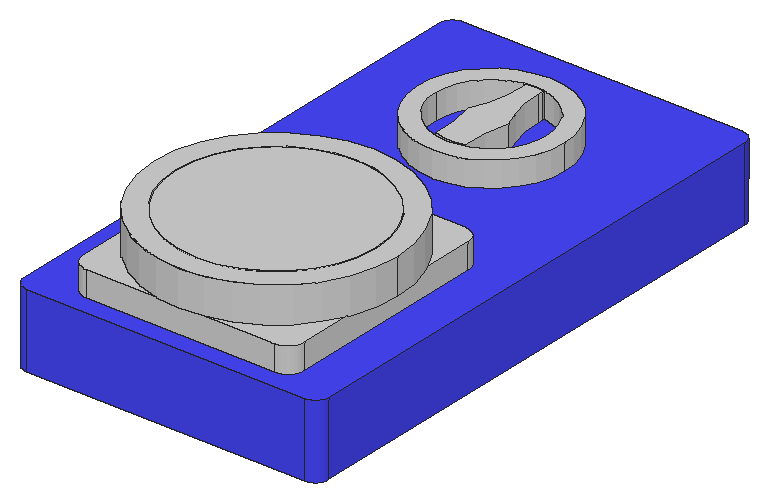
Revit family "Building-ConnessioniIEC309-GEWISS-67IB-PRESE-INTERBLOCCATE_IP67_SENZA_FONDO_63A", category Apparecchi elettrici, host Superficie, Revit 2019
Family settings
  Host = Superficie
  Mantenere orientamento annotazione = Sì
  Quota connettore circolare = Usa diametro
  Tipo di parte = Normale
  Taglio con vuoti quando caricato = Sì
  Condiviso = Sì
  Punto di calcolo locali = Sì
Parameters (values of type "GW67366N - PR.BL IP67 S.F.3P+N+T 63A 500V 7H SBF")
  vista 2d [instance] = yes
  presa = Giallo
  giallo = 0 mm
  dist_piano [instance] = 0 mm
  Versione file RFA = "21.4"
  URL = "https://www.gewiss.com/it/it"
  Tipologia = "Verticale"
  Termopressione con biglia = "125 °C"
  Tensione nominale: = "480 - 500 V"
  Tensione nominale = "480 - 500 V"
  Temperatura di utilizzo = "-25 +40 °C"
  Temperatura di funzionamento = "-25 ÷ +40 °C"
  Struttura = Grigio RAL - 7035
  Simbolo presa = PRESAINDSTAGNA : 3P
  Simbolo circuito [instance] = not(Simbolo)  # no
  Simbolo [instance] = yes
  Scheda Tecnica = "https://www.gewiss.com/it/it/search?q=GW67366N"
  SEO = "Presa"
  Riferimento h = "7"
  Resistenza agli urti = "IK08"
  Protezione = "NO (SBF)"
  Default Elevation = 1219.2 mm
  Produttore = "GEWISS S.p.A."
  Numero di poli = "3P+N+T"
  N. poli = "3P+N+T"
  Modello = "GW67366N"
  Immagine tipo = D.jpg
  IDT = "3210f2e1-5490-4980-ba84-a365430e0752"
  IDF = "a2023e9e-4004-42b4-8b9e-55e5b3e28333"
  Grado di protezione = "IP67"
  Glow wire test: = "850 °C"
  Glow Wire Test = "850 °C"
  Frequenza nominale (Hz) = "50/60 Hz"
  Frequenza = "50/60 Hz"
  Distanza x [instance] = 500 mm
  Distanza orizzontale simbolo [instance] = 0 mm
  Distanza effettiva x [instance] = 1500 mm - Distanza x  # 1000 mm
  Descrizione = "PR.BL IP67 S.F.3P+N+T 63A 500V 7H SBF"
  Creato da GEWISS S.p.A. = ""
  Corrente nominale (In) = "63"
  Corrente nominale (A) = "63"
  Corpo presa = GEWISS -BLU
  Cornice simbolo [instance] = yes
  Con fondo = "No"
  Colore: = "Nero"
  Colore = "Nero"
  Codice Electrocod = "2222"
  Codice EAN = "8011564742475"
  Catalogo Serie = "67 IB"
  Catalogo = "BUILDING"
  COBie.Tagnumber = ""
  COBie.CreatedOn = ""
  COBie.CreatebBy = ""
  COBie.ComponentRegisterItemID = ""
  COBie.Component.TagNumber = ""
  COBie.Component.Space = ""
  COBie.Component.SerialNumber = ""
  COBie.Component.InstallationDate = ""
  COBie.Component.Description = ""
  COBie.Component.BarCode = ""
Types (11, lengths in mm): name | Tensione nominale: | Tensione nominale | Scheda Tecnica | Riferimento h | Numero di poli | N. poli | Modello | IDT | Descrizione | Colore: | Colore | Codice EAN
  GW67356N - PR.BL IP67 S.F.2P+T 63A 110V 4H SBF | "100 - 130 V" | "100 - 130 V" | "https://www.gewiss.com/it/it/search?q=GW67356N" | "4" | "2P+T" | "2P+T" | "GW67356N" | "26c39419-d3e0-4930-9803-9abcb1c1a306" | "PR.BL IP67 S.F.2P+T 63A 110V 4H SBF" | "Giallo" | "Giallo" | "8011564742376"
  GW67357N - PR.BL IP67 S.F.3P+T 63A 110V 4H SBF | "100 - 130 V" | "100 - 130 V" | "https://www.gewiss.com/it/it/search?q=GW67357N" | "4" | "3P+T" | "3P+T" | "GW67357N" | "5f02d633-e34b-40a4-a35e-811170157fda" | "PR.BL IP67 S.F.3P+T 63A 110V 4H SBF" | "Giallo" | "Giallo" | "8011564742383"
  GW67358N - PR.BL IP67 S.F.3P+N+T 63A 110V 4H SBF | "100 - 130 V" | "100 - 130 V" | "https://www.gewiss.com/it/it/search?q=GW67358N" | "4" | "3P+N+T" | "3P+N+T" | "GW67358N" | "93eb2776-fcce-4b19-b5dd-6011ab25fb3d" | "PR.BL IP67 S.F.3P+N+T 63A 110V 4H SBF" | "Giallo" | "Giallo" | "8011564742390"
  GW67359N - PR.BL IP67 S.F.2P+T 63A 230V 6H SBF | "200 - 250 V" | "200 - 250 V" | "https://www.gewiss.com/it/it/search?q=GW67359N" | "6" | "2P+T" | "2P+T" | "GW67359N" | "1ff93a93-9cc6-40fb-bdfa-01e282e61db8" | "PR.BL IP67 S.F.2P+T 63A 230V 6H SBF" | "Blu" | "Blu" | "8011564742406"
  GW67360N - PR.BL IP67 S.F.3P+T 63A 230V 9H SBF | "200 - 250 V" | "200 - 250 V" | "https://www.gewiss.com/it/it/search?q=GW67360N" | "9" | "3P+T" | "3P+T" | "GW67360N" | "ade45149-52f5-4abe-a77b-9372e4a2410f" | "PR.BL IP67 S.F.3P+T 63A 230V 9H SBF" | "Blu" | "Blu" | "8011564742413"
  GW67361N - PR.BL IP67 S.F.3P+N+T 63A 230V 9H SBF | "200 - 250 V" | "200 - 250 V" | "https://www.gewiss.com/it/it/search?q=GW67361N" | "9" | "3P+N+T" | "3P+N+T" | "GW67361N" | "71f62e0c-8f33-40b9-ad90-9193a196b102" | "PR.BL IP67 S.F.3P+N+T 63A 230V 9H SBF" | "Blu" | "Blu" | "8011564742420"
  GW67362N - PR.BL IP67 S.F.2P+T 63A 400V 9H SBF | "380 - 415 V" | "380 - 415 V" | "https://www.gewiss.com/it/it/search?q=GW67362N" | "9" | "2P+T" | "2P+T" | "GW67362N" | "43f2eb15-7a04-4c0a-9d15-f667176e4462" | "PR.BL IP67 S.F.2P+T 63A 400V 9H SBF" | "Rosso" | "Rosso" | "8011564742437"
  GW67363N - PR.BL IP67 S.F.3P+T 63A 400V 6H SBF | "380 - 415 V" | "380 - 415 V" | "https://www.gewiss.com/it/it/search?q=GW67363N" | "6" | "3P+T" | "3P+T" | "GW67363N" | "d5356561-e4a9-44be-92cc-860c7b09878b" | "PR.BL IP67 S.F.3P+T 63A 400V 6H SBF" | "Rosso" | "Rosso" | "8011564742444"
  GW67364N - PR.BL IP67 S.F.3P+N+T 63A 400V 6H SBF | "380 - 415 V" | "380 - 415 V" | "https://www.gewiss.com/it/it/search?q=GW67364N" | "6" | "3P+N+T" | "3P+N+T" | "GW67364N" | "e556fdd2-c85e-410a-8ddd-4bf9f2b33c7f" | "PR.BL IP67 S.F.3P+N+T 63A 400V 6H SBF" | "Rosso" | "Rosso" | "8011564742451"
  GW67365N - PR.BL IP67 S.F.3P+T 63A 500V 7H SBF | "480 - 500 V" | "480 - 500 V" | "https://www.gewiss.com/it/it/search?q=GW67365N" | "7" | "3P+T" | "3P+T" | "GW67365N" | "db613e6f-1299-4c04-8b3a-9093451a3381" | "PR.BL IP67 S.F.3P+T 63A 500V 7H SBF" | "Nero" | "Nero" | "8011564742468"
  GW67366N - PR.BL IP67 S.F.3P+N+T 63A 500V 7H SBF | "480 - 500 V" | "480 - 500 V" | "https://www.gewiss.com/it/it/search?q=GW67366N" | "7" | "3P+N+T" | "3P+N+T" | "GW67366N" | "3210f2e1-5490-4980-ba84-a365430e0752" | "PR.BL IP67 S.F.3P+N+T 63A 500V 7H SBF" | "Nero" | "Nero" | "8011564742475"
Reference planes
  plane 1 "Centro (Fronte/Retro)": y = 0
  plane 2: z = 0
  plane 3 "Centro (Sinistra/Destra)": x = 0
  plane 4: z = -2
  plane 5: z = -2
  plane 6: x = -1500
  plane 7: x = 0
  plane 8: x = -74.725
  plane 9: y = 132.145
  plane 10: x = 74.725
  plane 11: y = -132.145
  plane 12: z = -2
  plane 13: x = -500
Forms (mm)
  Extrusion 1, solid, detail levels coarse
    sketch origin (0, 0, 0) x (0, 1, 0) y (0, 0, 1)
      loop
        line (-132.145, 62) -> (-132.145, -2) -> (132.145, -2) -> (132.145, 62) -> (-132.145, 62)
    from -74.725 to 74.725
Lines and regions (mm)
  Masking region 1, visible <- "vista 2d"
    outline origin (0, 0, 0) x (1, 0, 0) y (0, 0, 1)
      loop
        line (-58, 45) -> (58, 45) -> (58, 62) -> (-58, 62) -> (-58, 45)
  Masking region 2, visible <- "vista 2d"
    outline origin (0, 0, 0) x (1, 0, 0) y (0, 0, 1)
      loop
        line (-52.725, 33) -> (52.725, 33) -> (52.725, 45) -> (-52.725, 45) -> (-52.725, 33)
  Masking region 3, visible <- "vista 2d"
    outline origin (0, 0, 0) x (1, 0, 0) y (0, 0, 1)
      loop
        line (-72.725, -2) -> (72.725, -2) -> (72.725, 33) -> (-72.725, 33) -> (-72.725, -2)
Dimensions and locks
  locked: plane 2 to plane 4 at 2
  "dist_piano": plane 12 to plane 4
  plane 3 "Centro (Sinistra/Destra)" to plane 6 = 1500 mm
  locked: nested 1 to plane 9 at 2
  locked: plane 8 to nested 1 at 2
  locked: plane 11 to nested 1 at 2
  locked: nested 1 to plane 10 at 2
  plane 5 to plane 12 = 0 mm
  "Distanza effettiva x": plane 6 to plane 13
  plane 6 to plane 3 "Centro (Sinistra/Destra)" = 1500 mm
  aligned and locked: plane 2 to host face
  aligned and locked: level to host face
  aligned and locked: plane 3 "Centro (Sinistra/Destra)" to nested 1
  aligned and locked: plane 7 to nested 1
  aligned and locked: nested 1 to plane 5
  aligned and locked: nested 2 to plane 13
  aligned and locked: Extrusion 1 sketch curve to plane 11
  aligned and locked: Extrusion 1 sketch curve to plane 9
  aligned and locked: Extrusion 1 sketch curve to nested 1
  aligned and locked: Extrusion 1 sketch curve to plane 5
  aligned and locked: Extrusion 1 to plane 8
  aligned and locked: Extrusion 1 to plane 10
  aligned and locked: Masking region 1 sketch curve to nested 1  (x4)
  aligned and locked: Masking region 2 sketch curve to nested 1  (x4)
  aligned and locked: Masking region 3 sketch curve to nested 1  (x3)
  aligned and locked: nested 1 to Masking region 3 sketch curve
  aligned and locked: nested 3 to plane 13
Automatic sketch dimensions
  host sketch curve to host sketch curve = 2438.4 mm  (x2)
Nested families
  nested 1: "67IB PRESE INTERBLOC VERT 63A IP67_base" at (0, 0, -2), type "67IB PRESE INTERBLOC VERT 63A IP67_base", detail levels medium+fine
  nested 2: "PRESAINDSTAGNA" at (-500, 132.145, 0), BORDO ACCESO <- "Cornice simbolo", SIMBOLO ACCESO <- "Simbolo", type <- "Simbolo presa", Distanza dal muro <- "Distanza orizzontale simbolo", type "3P"
    with SIMBOLO ACCESO yes, Distanza dal muro 0 mm, BORDO ACCESO yes
  nested 3: "simbolo_circuitoGW66324N" at (-500, 132.145, 0), Distanza dal muro <- "Distanza orizzontale simbolo", SIMBOLO ACCESO <- "Simbolo circuito", type "3P"
    with SIMBOLO ACCESO no, Distanza dal muro 0 mm, BORDO ACCESO yes
Connectors
  electrical at (0, 0.052, -2)
    settings: on nested 1, index 1, voltage 0 V, apparent load 0 VA, apparent load phase1 0 VA, apparent load phase2 0 VA, apparent load phase3 0 VA, power factor 1, load classification "Altro", number of poles 1, system type 31, power factor state 1, is connector primary yes, connector utility no, sub classification motor no, connector description ""
Definition of nested family "67IB PRESE INTERBLOC VERT 63A IP67_base"
  Parameters (values of type "67IB PRESE INTERBLOC VERT 63A IP67_base")
    w = 145.449 mm
    raggio = 47.607 mm
    l = 260.291 mm
    corpo presa = none
    Struttura = none
    Spessore = 30 mm
    Default Elevation = 14 mm
    Presa = none
    Lunghezza = 103 mm
    IFC.TypeObject = ""
    IFC.ExportType = ""
    IFC.ExportAs = ""
    H_da terra = 586.883 mm
    COBie.CreatedOn = ""
    COBie.CreatebBy = ""
    COBie.ComponentRegisterItemID = ""
    COBie.Component.TagNumber = ""
    COBie.Component.Space = ""
    COBie.Component.SerialNumber = ""
    COBie.Component.InstallationDate = ""
    COBie.Component.Description = ""
    COBie.Component.BarCode = ""
    Altezza = 220 mm
  Reference planes
    plane 1 "Centro (Fronte/Retro)": y = 0
    plane 2: z = 0
    plane 3 "Centro (Sinistra/Destra)": x = 0
    plane 4: z = 6.883
    plane 5: z = 10.499
    plane 6 "presa": z = 64
    plane 7: z = 47
    plane 8: z = 35
    plane 9: y = 130.145
    plane 10: y = -130.145
    plane 11: y = -8
    plane 12: x = 72.725
    plane 13: x = -72.725
    plane 14: x = -52.725
    plane 15: x = 52.725
    plane 16: y = -64.397
  Forms (mm)
    Extrusion 1, solid, material <- "Struttura"
      sketch origin (-1.116, -694.604, -30) x (1, 0, 0) y (0, 1, 0)
        loop
          line (-51.609, 678.83) -> (-51.609, 581.482)
          arc (-51.609, 581.482) -> (-49.266, 575.825) -> (-43.609, 573.482) r 8
          line (-43.609, 573.482) -> (45.841, 573.482)
          arc (45.841, 573.482) -> (51.497, 575.825) -> (53.841, 581.482) r 8
          line (53.841, 581.482) -> (53.841, 678.604)
          arc (53.841, 678.604) -> (51.497, 684.26) -> (45.841, 686.604) r 8
          line (45.841, 686.604) -> (-43.612, 686.604)
          arc (-43.612, 686.604) -> (-49.188, 684.34) -> (-51.609, 678.83) r 8
      from 65 to 77
    Extrusion 2, solid, material <- "Presa"
      sketch origin (-1.116, -710.854, -30) x (1, 0, 0) y (0, 1, 0)
        loop
          circle (1.116, 646.456) r 58
        loop
          circle (1.116, 646.456) r 47.607
      from 77 to 94
    Extrusion 3, solid, material <- "Struttura"
      sketch origin (-1.116, -687.104, -30) x (1, 0, 0) y (0, 1, 0)
        loop
          circle (0, 752.384) r 35
        loop
          circle (0, 752.384) r 26.483
      from 65 to 77
    Extrusion 4, solid, material <- "Struttura"
      sketch origin (-1.116, -687.104, -30) x (1, 0, 0) y (0, 1, 0)
        loop
          arc (-9.552, 750.899) -> (-7.429, 739.645) -> (-7.314, 728.193) r 64.983
          arc (-7.314, 728.193) -> (-0.131, 727.067) -> (7.064, 728.115) r 24.316
          arc (7.064, 728.115) -> (7.302, 739.566) -> (9.547, 750.796) r 64.983
          arc (9.547, 750.796) -> (5.519, 762.425) -> (4.215, 774.661) r 54.251
          line (4.215, 774.661) -> (4.25, 777.658)
          arc (4.25, 777.658) -> (3.985, 778.329) -> (3.336, 778.647) r 1
          arc (3.336, 778.647) -> (0.147, 778.794) -> (-3.043, 778.682) r 39.364
          arc (-3.043, 778.682) -> (-3.695, 778.371) -> (-3.967, 777.702) r 1
          line (-3.967, 777.702) -> (-3.964, 774.706)
          arc (-3.964, 774.706) -> (-5.4, 762.483) -> (-9.552, 750.899) r 54.251
      from 65 to 77
    Extrusion 5, solid, material <- "corpo presa"
      sketch origin (-3.616, -699.604, -30) x (1, 0, 0) y (0, 1, 0)
        loop
          arc (76.341, 823.443) -> (74.494, 827.902) -> (70.035, 829.749) r 6.306
          line (70.035, 829.749) -> (-62.803, 829.749)
          arc (-62.803, 829.749) -> (-67.262, 827.902) -> (-69.109, 823.443) r 6.306
          line (-69.109, 823.443) -> (-69.109, 575.973)
          arc (-69.109, 575.973) -> (-67.201, 571.366) -> (-62.594, 569.458) r 6.515
          line (-62.594, 569.458) -> (69.826, 569.458)
          arc (69.826, 569.458) -> (74.432, 571.366) -> (76.341, 575.973) r 6.515
          line (76.341, 575.973) -> (76.341, 823.443)
      from 30 to 65
    Extrusion 6, solid, material <- "Struttura", not visible
      sketch origin (0, 47.014, -580) x (1, 0, 0) y (0, 0, 1)
        loop
          line (-0.408, 691.748) -> (-29.506, 691.748)
          spline (-29.506, 691.748) -> (-30.55, 691.681) -> (-31.576, 691.48) -> (-32.567, 691.148) -> (-33.505, 690.693) -> (-34.375, 690.12) -> (-35.161, 689.441) -> (-35.851, 688.666) -> (-36.432, 687.809) -> (-36.895, 686.885) -> (-37.231, 685.909) -> (-37.435, 684.898) -> (-37.503, 683.87)
          line (-37.503, 683.87) -> (-37.503, 615.12)
          spline (-37.503, 615.12) -> (-37.435, 614.091) -> (-37.231, 613.081) -> (-36.895, 612.105) -> (-36.432, 611.18) -> (-35.851, 610.324) -> (-35.161, 609.549) -> (-34.375, 608.869) -> (-33.505, 608.297) -> (-32.567, 607.841) -> (-31.576, 607.51) -> (-30.55, 607.309) -> (-29.506, 607.241)
          line (-29.506, 607.241) -> (0, 607.241) -> (29.506, 607.241)
          spline (29.506, 607.241) -> (30.55, 607.309) -> (31.576, 607.51) -> (32.567, 607.841) -> (33.505, 608.297) -> (34.375, 608.869) -> (35.161, 609.549) -> (35.851, 610.324) -> (36.432, 611.18) -> (36.895, 612.105) -> (37.231, 613.081) -> (37.435, 614.091) -> (37.503, 615.12)
          line (37.503, 615.12) -> (37.503, 683.87)
          spline (37.503, 683.87) -> (37.435, 684.898) -> (37.231, 685.909) -> (36.895, 686.885) -> (36.432, 687.809) -> (35.851, 688.666) -> (35.161, 689.441) -> (34.375, 690.12) -> (33.505, 690.693) -> (32.567, 691.148) -> (31.576, 691.48) -> (30.55, 691.681) -> (29.506, 691.748)
          line (29.506, 691.748) -> (-0.408, 691.748)
      from 51.991 to 55.821
    Extrusion 7, solid, material <- "Presa", not visible
      sketch origin (0, 47.014, -580) x (1, 0, 0) y (0, 0, 1)
        loop
          circle (0, 646.456) r 46.899
      from 55.821 to 62.709
    Extrusion 8, solid, material <- "Struttura", not visible
      sketch origin (0, 47.014, -580) x (1, 0, 0) y (0, 0, 1)
        loop
          circle (0, 752.384) r 30.831
        loop
          circle (0, 752.384) r 26.483
      from 51.991 to 62.709
    Extrusion 9, solid, material <- "Struttura", not visible
      sketch origin (0, 47.014, -580) x (1, 0, 0) y (0, 0, 1)
        loop
          arc (-9.552, 750.899) -> (-7.429, 739.645) -> (-7.314, 728.193) r 64.983
          arc (-7.314, 728.193) -> (-0.131, 727.067) -> (7.064, 728.115) r 24.316
          arc (7.064, 728.115) -> (7.302, 739.566) -> (9.547, 750.796) r 64.983
          arc (9.547, 750.796) -> (5.519, 762.425) -> (4.215, 774.661) r 54.251
          line (4.215, 774.661) -> (4.25, 777.658)
          arc (4.25, 777.658) -> (3.985, 778.329) -> (3.336, 778.647) r 1
          arc (3.336, 778.647) -> (0.147, 778.794) -> (-3.043, 778.682) r 39.364
          arc (-3.043, 778.682) -> (-3.695, 778.371) -> (-3.967, 777.702) r 1
          line (-3.967, 777.702) -> (-3.964, 774.706)
          arc (-3.964, 774.706) -> (-5.4, 762.483) -> (-9.552, 750.899) r 54.251
      from 51.991 to 62.709
    Extrusion 10, solid, material <- "corpo presa", not visible
      sketch origin (0, 47.014, -580) x (1, 0, 0) y (0, 0, 1)
        loop
          arc (47.884, 796.962) -> (46.037, 801.42) -> (41.578, 803.267) r 6.306
          line (41.578, 803.267) -> (-41.578, 803.267)
          arc (-41.578, 803.267) -> (-46.037, 801.42) -> (-47.884, 796.962) r 6.306
          line (-47.884, 796.962) -> (-47.884, 597.014)
          arc (-47.884, 597.014) -> (-45.976, 592.407) -> (-41.369, 590.499) r 6.515
          line (-41.369, 590.499) -> (41.369, 590.499)
          arc (41.369, 590.499) -> (45.976, 592.407) -> (47.884, 597.014) r 6.515
          line (47.884, 597.014) -> (47.884, 796.962)
      from 30 to 51.991
    Extrusion 11, solid, material <- "Struttura"
      sketch origin (0, 0, 0) x (1, 0, 0) y (0, 1, 0)
        loop
          circle (0, -64.397) r 47.607
      from 47 to 64
  Lines and regions (mm)
    symbolic lines
      curve 1: line (-47.607, -64.397, 64) -> (47.607, -64.397, 64)
      curve 2: line (0, -16.791, 64) -> (0, -112.004, 64)
  Dimensions and locks
    locked: plane 5 to plane 4 at 3.616
    Extrusion 5 sketch curve to Extrusion 5 sketch curve = 145.449 mm
    plane 6 "presa" to plane 2 = 64 mm
    locked: plane 7 to plane 6 "presa" at 17
    plane 8 to plane 2 = 35 mm
    locked: plane 8 to plane 7 at 12
    equal spacing: plane 10, plane 1 "Centro (Fronte/Retro)", plane 9
    "l": plane 10 to plane 9
    locked: plane 1 "Centro (Fronte/Retro)" to plane 11 at 8
    equal spacing: plane 13, plane 3 "Centro (Sinistra/Destra)", plane 12
    "w": plane 13 to plane 12
    locked: plane 13 to plane 14 at 20
    plane 15 to plane 12 = 20 mm
    equal spacing: plane 14, plane 3 "Centro (Sinistra/Destra)", plane 15
    radius of Extrusion 5 sketch curve = 6.306 mm  (x2)
    radius of Extrusion 5 sketch curve = 6.515 mm  (x2)
    radius of Extrusion 1 sketch curve = 8 mm  (x3)
    "raggio": radius of Extrusion 11 sketch curve
    "raggio": radius of Extrusion 2 sketch curve
    aligned and locked: level to plane 2
    aligned and locked: Extrusion 3 to Extrusion 5
    aligned and locked: Extrusion 4 to Extrusion 3
    aligned and locked: Extrusion 3 to Extrusion 4
    aligned and locked: Extrusion 2 to Extrusion 1
    aligned and locked: Extrusion 5 to level
    aligned and locked: plane 6 "presa" to Extrusion 2
    aligned and locked: Extrusion 11 to Extrusion 1
    aligned and locked: plane 6 "presa" to Extrusion 11
    aligned and locked: Extrusion 1 to plane 7
    aligned and locked: Extrusion 5 to plane 8
    aligned and locked: plane 8 to Extrusion 1
    aligned and locked: Extrusion 3 to plane 7
    aligned and locked: plane 10 to Extrusion 5
    aligned and locked: Extrusion 5 to plane 9
    aligned and locked: Extrusion 5 sketch curve to plane 13
    aligned and locked: plane 14 to Extrusion 1 sketch curve
    aligned and locked: Extrusion 1 sketch curve to plane 15
    aligned and locked: plane 3 "Centro (Sinistra/Destra)" to Extrusion 2 sketch curve  (x2)
    aligned and locked: plane 16 to Extrusion 2 sketch curve  (x2)
    aligned and locked: curve 1 to plane 16
    aligned and locked: curve 2 to plane 3 "Centro (Sinistra/Destra)"
  Automatic sketch dimensions
    Extrusion 3 sketch curve to Extrusion 3 sketch curve = 0 mm  (x2)
    Extrusion 3 sketch curve to plane 3 "Centro (Sinistra/Destra)" = 1.116 mm
    Extrusion 3 sketch curve to plane 1 "Centro (Fronte/Retro)" = 65.28 mm
    Extrusion 4 sketch curve to plane 1 "Centro (Fronte/Retro)" = 46.167 mm
    Extrusion 4 sketch curve to plane 3 "Centro (Sinistra/Destra)" = 73.214 mm
    Extrusion 4 sketch curve to Extrusion 4 sketch curve = 13.883 mm
    Extrusion 4 sketch curve to plane 3 "Centro (Sinistra/Destra)" = 5.083 mm
    Extrusion 4 sketch curve to Extrusion 4 sketch curve = 0.003 mm
    Extrusion 4 sketch curve to Extrusion 4 sketch curve = 1 mm  (x2)
    Extrusion 4 sketch curve to plane 3 "Centro (Sinistra/Destra)" = 1.18 mm
    Extrusion 4 sketch curve to plane 3 "Centro (Sinistra/Destra)" = 1.116 mm
    plane 3 "Centro (Sinistra/Destra)" to Extrusion 4 sketch curve = 2.134 mm
    plane 3 "Centro (Sinistra/Destra)" to Extrusion 4 sketch curve = 3.099 mm
    Extrusion 4 sketch curve to Extrusion 4 sketch curve = 54.25 mm
    Extrusion 4 sketch curve to Extrusion 4 sketch curve = 13.435 mm
    Extrusion 4 sketch curve to plane 1 "Centro (Fronte/Retro)" = 45.393 mm
    Extrusion 4 sketch curve to plane 1 "Centro (Fronte/Retro)" = 52.327 mm
    Extrusion 4 sketch curve to Extrusion 4 sketch curve = 11.953 mm
    Extrusion 4 sketch curve to Extrusion 4 sketch curve = 41.757 mm
    Extrusion 4 sketch curve to Extrusion 4 sketch curve = 23.278 mm
    Extrusion 4 sketch curve to Extrusion 4 sketch curve = 0.044 mm
    Extrusion 4 sketch curve to Extrusion 4 sketch curve = 41.61 mm
    Extrusion 4 sketch curve to Extrusion 4 sketch curve = 2.99 mm
    Extrusion 4 sketch curve to Extrusion 4 sketch curve = 0.007 mm
    Extrusion 4 sketch curve to Extrusion 4 sketch curve = 2.979 mm
    Extrusion 4 sketch curve to Extrusion 4 sketch curve = 0.018 mm
    Extrusion 4 sketch curve to Extrusion 4 sketch curve = 9.552 mm
    Extrusion 4 sketch curve to plane 3 "Centro (Sinistra/Destra)" = 8.43 mm
    Extrusion 4 sketch curve to Extrusion 4 sketch curve = 0 mm
    plane 3 "Centro (Sinistra/Destra)" to Extrusion 4 sketch curve = 5.949 mm
    plane 9 to Extrusion 5 sketch curve = 0 mm
    plane 10 to Extrusion 5 sketch curve = 0 mm
    Extrusion 1 sketch curve to plane 11 = 0 mm
    Extrusion 1 sketch curve to Extrusion 1 sketch curve = 7.997 mm
    Extrusion 1 sketch curve to Extrusion 1 sketch curve = 8 mm
    Extrusion 1 sketch curve to plane 10 = 9.024 mm
    curve 2 to plane 11 = 8.791 mm
    curve 2 to plane 10 = 18.141 mm
    curve 1 to plane 14 = 5.118 mm
    curve 1 to plane 15 = 5.118 mm
    Extrusion 11 sketch curve to plane 3 "Centro (Sinistra/Destra)" = 0 mm
    Extrusion 11 sketch curve to plane 16 = 0 mm
    radius of Extrusion 3 sketch curve = 35 mm
    radius of Extrusion 3 sketch curve = 26.483 mm
    radius of Extrusion 2 sketch curve = 58 mm
Definition of nested family "PRESAINDSTAGNA"
  Parameters (values of type "3P")
    SIMBOLO ACCESO [instance] = yes
    SIMBOLO = PRESAINDSTAGNA_BASE : 3P
    Distanza dal muro [instance] = 0 mm
    BORDO ACCESO [instance] = yes
  Types (2): name
    2P
    3P
  Reference planes
    plane 1: y = 0
    plane 2: x = 0
  Dimensions and locks
    "Distanza dal muro": plane 1 to nested 1
    aligned and locked: plane 2 to nested 1
  Nested families
    nested 1: "PRESAINDSTAGNA_BASE" at (0, 0, 0), type <- "SIMBOLO", CORNICE SIMBOLO <- "BORDO ACCESO", visible <- "SIMBOLO ACCESO", type "3P"
  Definition of nested family "PRESAINDSTAGNA_BASE"
    Parameters (values of type "3P")
      CORNICE SIMBOLO [instance] = yes
      3P = yes
    Types (2, lengths in mm): name | 3P
      3P | yes
      2P | no
    Reference planes
      plane 1: y = 0
      plane 2: x = 0
    Lines and regions (mm)
      detail lines, not visible
        curve 1: line (-2.443, 10.208, 0) -> (2.057, 10.208, 0)
        curve 2: line (2.057, 10.208, 0) -> (2.057, 4.208, 0)
        curve 3: line (2.057, 4.208, 0) -> (-2.443, 4.208, 0)
        curve 4: line (-2.443, 4.208, 0) -> (-2.443, 10.208, 0)
        curve 5: line (-2.043, 9.808, 0) -> (1.657, 9.808, 0)
        curve 6: line (1.657, 9.808, 0) -> (1.657, 4.608, 0)
        curve 7: line (1.657, 4.608, 0) -> (-2.043, 4.608, 0)
        curve 8: line (-2.043, 4.608, 0) -> (-2.043, 9.808, 0)
      detail lines
        curve 9: line (-0.333, 0.928, 0) -> (-0.05, 0.928, 0)
        curve 10: line (-0.05, 0.928, 0) -> (0.417, 1.737, 0)
        curve 11: line (0.417, 1.737, 0) -> (0.764, 1.537, 0)
        curve 12: line (-0.05, 0.928, 0) -> (-0.333, 0.437, 0)
        curve 13: line (-0.333, 0.437, 0) -> (-0.333, 2.059, 0)
        curve 14: line (0.222, 1.399, 0) -> (0.569, 1.199, 0)
        curve 15: line (-0.723, 0.437, 0) -> (0.057, 0.437, 0)
        curve 16: line (-0.333, 0.81, 0) -> (-0.216, 0.928, 0)
        curve 17: line (-0.333, 0.741, 0) -> (-0.147, 0.928, 0)
        curve 18: line (-0.333, 0.672, 0) -> (-0.078, 0.928, 0)
        curve 19: line (-0.333, 0.603, 0) -> (-0.106, 0.831, 0)
        curve 20: line (-0.333, 0.534, 0) -> (-0.2, 0.668, 0)
        curve 21: arc (-0.723, 0.047, 0) -> (-0.333, 0.437, 0) -> (0.057, 0.047, 0) r 0.39
        curve 22: line (-0.8, 2.1, 0) -> (0.8, 2.1, 0)
        curve 23: line (-0.8, 0, 0) -> (-0.8, 2.1, 0)
        curve 24: line (0.8, 0, 0) -> (-0.8, 0, 0)
        curve 25: line (0.8, 2.1, 0) -> (0.8, 0, 0)
Definition of nested family "simbolo_circuitoGW66324N"
  Parameters (values of type "3P")
    SIMBOLO ACCESO [instance] = yes
    SIMBOLO = PRESAINDSTAGNA_BASE : 3P
    Distanza dal muro [instance] = 0 mm
    BORDO ACCESO [instance] = yes
  Reference planes
    plane 1: y = 0
    plane 2: x = 0
  Dimensions and locks
    "Distanza dal muro": plane 1 to nested 1
    aligned and locked: plane 2 to nested 1
  Nested families
    nested 1: "GW66201N-simb_base_di circuito" at (0, 0, 0), visible <- "SIMBOLO ACCESO", type "3P"
      with CORNICE SIMBOLO yes
  Definition of nested family "GW66201N-simb_base_di circuito"
    Parameters (values of type "3P")
      CORNICE SIMBOLO [instance] = yes
      3P = yes
    Types (2, lengths in mm): name | 3P
      3P | yes
      2P | no
    Reference planes
      plane 1: y = 0
      plane 2: x = 0
    Lines and regions (mm)
      detail lines, not visible
        curve 1: line (-2.443, 10.208, 0) -> (2.057, 10.208, 0)
        curve 2: line (2.057, 10.208, 0) -> (2.057, 4.208, 0)
        curve 3: line (2.057, 4.208, 0) -> (-2.443, 4.208, 0)
        curve 4: line (-2.443, 4.208, 0) -> (-2.443, 10.208, 0)
        curve 5: line (-2.043, 9.808, 0) -> (1.657, 9.808, 0)
        curve 6: line (1.657, 9.808, 0) -> (1.657, 4.608, 0)
        curve 7: line (1.657, 4.608, 0) -> (-2.043, 4.608, 0)
        curve 8: line (-2.043, 4.608, 0) -> (-2.043, 9.808, 0)
    Dimensions and locks
      aligned and locked: import instance to plane 2
      aligned and locked: plane 1 to import instance
